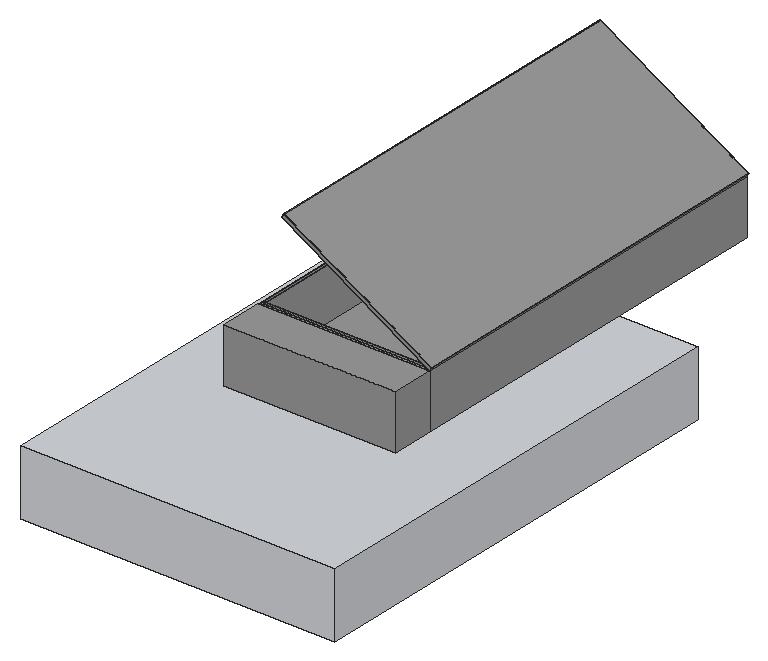
Revit family "Hager-Univers-IP55-D275-H2050-Cl.II-Steel_encl-CH-de", category Equipement électrique, Revit 2020
Family settings
  Hôte = Face
  Configuration du panneau = Deux colonnes, circuits au sein
  Cote de connecteur circulaire = Utiliser le diamètre
  Type d'élément = Tableau de raccordement
  Couper avec des vides une fois chargée = Non
  Partagée = Non
  Point de calcul de pièce = Non
Parameters (values of type "Bodenaufstellung IP55 B800 H2050 T275  - FR23S2")
  Width Control [instance] = if([EF000008 - Breite] > Min Width, [EF000008 - Breite], Min Width)  # 800 mm
  Commentaires du type = [HG000003 - Bereich]  # "Univers"
  Thickness Door [instance] = if([EF009171 - Materialstärke Tür/Deckel] > 3 mm, 3 mm, [EF009171 - Materialstärke Tür/Deckel])  # 1.5 mm
  Seal Frame Offset [instance] = 17 mm  # constant formula
  Plinth Visibility [instance] = [HG000027 - Sockelhöhe] > 0 mm  # yes
  Model = ""
  Min Width [instance] = 100 mm  # constant formula
  Min Height [instance] = 100 mm  # constant formula
  Min Depth [instance] = (2 * [EF009170 - Materialstärke Gehäuse]) + 1 mm  # 4 mm
  Internal Frame Depth [instance] = (Door System Depth * 0.5)  # 9 mm
  Height Control [instance] = if([EF000040 - Höhe] > Min Height, [EF000040 - Höhe], Min Height)  # 2050 mm
  HG000027 - Sockelhöhe = 200 mm
  HG000026 - Stehend auf dem Boden = yes
  HG000024 - Höhe des unteren Teils = 800 mm
  HG000023 - Gehäuse mit doppeltem Querschnitt = no
  HG000016 - 3D-Türsichtbarkeit [instance] = yes
  HG000015 - Sichtbarkeit der Türöffnung [instance] = no
  HG000014 - Tür rechts [instance] = yes
  HG000013 - Tür links [instance] = not([HG000014 - Tür rechts])  # no
  HG000012 - Türschwenkwinkel [instance] = 30.00°
  HG000010 - Asymmetrische Türen = no
  HG000009 - Doppelflügeligen Tür = no
  HG000006 - Unterputz = no
  HG000004 - Herstellerreferenz = "FR23S2"
  HG000003 - Bereich = "Univers"
  HG000002 - Mit tür = yes
  Frame Offset Bottom [instance] = 10 mm  # constant formula
  Frame Offset [instance] = 15 mm  # constant formula
  EF015940 - Deckel mit Überdruckentlastung = no
  EF011959 - Schutzart (NEMA) = ""
  EF009554 - Anzahl der Öffnungen für Flanschplatten = 6
  Fabricant = "Hager"  # constant formula
  EF009212 - Ausführung Deckel = "EV000116 - geschlossen"
  EF009171 - Materialstärke Tür/Deckel = 1.5 mm
  EF009170 - Materialstärke Gehäuse = 1.5 mm
  EF008873 - Nennstrom (In) = 800 A
  EF007800 - Geeignet für Blitzschutz = no
  EF006306 - Mit Schloss = no
  EF006244 - Transparenter Deckel/Tür = no
  EF005474 - Schutzart (IP) = "EV006420 - IP55"
  EF004464 - Art der Tür = "EV002646 - Einzel"
  EF004427 - Anzahl der Module = 432
  EF004293 - Schlagfestigkeit = "EV008784 - IK10"
  EF003532 - Geeignet für Außengebrauch = no
  EF002950 - Breite in Teilungseinheiten = 24
  EF001613 - Funktionserhalt = "EV000494 - ohne"
  EF001596 - Werkstoff des Gehäuses = "EV000179 - Stahl"
  EF001131 - Innentiefe = 275 mm
  EF001088 - Anbaumöglichkeit = yes
  EF000437 - Anzahl der Leitungseinführungen = 6
  EF000339 - Art der Abdeckung = "EV004216 - Tür"
  EF000266 - Anzahl der Reihen = 12
  EF000218 - Einbautiefe = 0 mm
  EF000118 - Mit Montageplatte = no
  EF000116 - RAL-Nummer = "7035"
  EF000049 - Tiefe = 275 mm
  EF000040 - Höhe = 2050 mm
  EF000008 - Breite = 800 mm
  EF000007 - Farbe = "EV000270 - grau"
  EF000003 - Montageart = "EV012274 - Bodenaufstellung"
  Door System Leaf Tolerance [instance] = 1.5 mm  # constant formula
  Door System Depth [instance] = 18 mm  # constant formula
  Door Height [instance] = Height Control - [HG000027 - Sockelhöhe]  # 1850 mm
  Depth Control [instance] = if([EF000049 - Tiefe] > Min Depth, [EF000049 - Tiefe], Min Depth)  # 275 mm
  Default Elevation = 0 mm
  Connector Offset [instance] = Height Control / 2  # 1025 mm
  Bottom Top Plate Trim [instance] = 1.5 mm  # constant formula
  Plinth height Ctrl [instance] = if([HG000027 - Sockelhöhe] > 0 mm, [HG000027 - Sockelhöhe], 12 mm)  # 200 mm
Types (11, lengths in mm): name | Width Control | HG000010 - Asymmetrische Türen | HG000009 - Doppelflügeligen Tür | HG000004 - Herstellerreferenz | EF009554 - Anzahl der Öffnungen für Flanschplatten | EF006244 - Transparenter Deckel/Tür | EF004464 - Art der Tür | EF004427 - Anzahl der Module | EF000437 - Anzahl der Leitungseinführungen | EF000008 - Breite
  Bodenaufstellung IP55 B1050 H2050 T275  - FR24L2 | 1050 | yes | yes | "FR24L2" | 8 | yes | "EV003602 - Doppel" | 576 | 8 | 1050
  Bodenaufstellung IP55 B1050 H2050 T275  - FR24S2 | 1050 | yes | yes | "FR24S2" | 8 | no | "EV003602 - Doppel" | 576 | 8 | 1050
  Bodenaufstellung IP55 B1300 H2050 T275  - FR25L2 | 1300 | yes | yes | "FR25L2" | 10 | yes | "EV003602 - Doppel" | 720 | 10 | 1300
  Bodenaufstellung IP55 B1300 H2050 T275  - FR25S2 | 1300 | yes | yes | "FR25S2" | 10 | no | "EV003602 - Doppel" | 720 | 10 | 1300
  Bodenaufstellung IP55 B1550 H2050 T275  - FR26L2 | 1550 | yes | yes | "FR26L2" | 12 | yes | "EV003602 - Doppel" | 864 | 12 | 1550
  Bodenaufstellung IP55 B1550 H2050 T275  - FR26S2 | 1550 | yes | yes | "FR26S2" | 12 | no | "EV003602 - Doppel" | 864 | 12 | 1550
  Bodenaufstellung IP55 B300 H2050 T275  - FR21S2 | 300 | no | no | "FR21S2" | 2 | no | "EV002646 - Einzel" | 144 | 2 | 300
  Bodenaufstellung IP55 B550 H2050 T275  - FR22L2 | 550 | no | no | "FR22L2" | 4 | yes | "EV002646 - Einzel" | 288 | 4 | 550
  Bodenaufstellung IP55 B550 H2050 T275  - FR22S2 | 550 | no | no | "FR22S2" | 4 | no | "EV002646 - Einzel" | 288 | 4 | 550
  Bodenaufstellung IP55 B800 H2050 T275  - FR23L2 | 800 | no | no | "FR23L2" | 6 | yes | "EV002646 - Einzel" | 432 | 6 | 800
  Bodenaufstellung IP55 B800 H2050 T275  - FR23S2 | 800 | no | no | "FR23S2" | 6 | no | "EV002646 - Einzel" | 432 | 6 | 800
Reference planes
  plane 1 "Center (Front/Back)": y = 0
  plane 2: z = 0
  plane 3 "Center (Left/Right)": x = 0
  plane 4: z = 275
  plane 5: y = 201.5
  plane 6: y = 1125
  plane 7: y = 200
  plane 8: y = 2050
  plane 9: z = 0
  plane 10: x = -385
  plane 11: x = 385
  plane 12: x = 383.5
  plane 13: x = -383.5
  plane 14: y = 2048.5
  plane 15: x = -383
  plane 16: x = -400
  plane 17: x = 383
  plane 18: x = 400
  plane 19: x = 398.5
  plane 20: x = -398.5
  plane 21: y = 211.5
  plane 22: y = 2050
  plane 23: y = 2033.5
  plane 24: z = 257
  plane 25: z = 1.5
  plane 26: z = 255.5
  plane 27: z = 273.5
Forms (mm)
  Extrusion 1, solid
    sketch origin (0, 0, 0) x (1, 0, 0) y (0, 1, 0)
      loop
        line (-702.964, 1305) -> (-702.964, -811.445) -> (766.763, -811.445) -> (766.763, 1305) -> (-702.964, 1305)
    from 0 to -304.8
  Extrusion 2, solid, material "Hager_Steel_RAL7035_Light_Grey", visible <- "Plinth Visibility", detail levels medium+fine
    sketch origin (0, 0, 0) x (1, 0, 0) y (0, 1, 0)
      loop
        line (-400, 0) -> (400, 0) -> (400, 200) -> (-400, 200) -> (-400, 0)
    from 0 to 257
  Extrusion 3, solid, material "Hager_Steel_RAL7035_Light_Grey", detail levels medium+fine
    sketch origin (0, 0, 0) x (1, 0, 0) y (0, 1, 0)
      loop
        line (-400, 200) -> (400, 200) -> (400, 2050) -> (-400, 2050) -> (-400, 200)
    from 0 to 257
  Extrusion 4, void
    sketch origin (0, 0, 0) x (1, 0, 0) y (0, 1, 0)
      loop
        line (-398.5, 201.5) -> (398.5, 201.5) -> (398.5, 2048.5) -> (-398.5, 2048.5) -> (-398.5, 201.5)
    from 1.5 to 255.5
  Extrusion 5, void
    sketch origin (-381.607, -4572, 257) x (0, -1, 0) y (-1, 0, 0)
      loop
        line (-4783.5, 1.893) -> (-6605.5, 1.893) -> (-6605.5, -765.107) -> (-4783.5, -765.107) -> (-4783.5, 1.893)
    from 0 to 1.5 <- "EF009170 - Materialstärke Gehäuse"
  Extrusion 6, solid, material "Hager_Steel_RAL7035_Light_Grey", detail levels fine
    sketch origin (0, 0, 257) x (1, 0, 0) y (0, 1, 0)
      loop
        line (-383.5, 2033.5) -> (-383.5, 211.5) -> (383.5, 211.5) -> (383.5, 2033.5) -> (-383.5, 2033.5)
      loop
        line (-385, 210) -> (385, 210) -> (385, 2035) -> (-385, 2035) -> (-385, 210)
    from 0 to 9 <- "Internal Frame Depth"
  Extrusion 7, solid, material "Hager_Steel_RAL7035_Light_Grey", detail levels coarse
    sketch origin (0, 0, 0) x (1, 0, 0) y (0, 1, 0)
      loop
        line (-400, 0) -> (400, 0) -> (400, 2050) -> (-400, 2050) -> (-400, 0)
    from 0 to 275
  Sweep 8, void
    path in 3D
      loop
        line (-400, 200, 0) -> (400, 200, 0) -> (400, 200, 257) -> (-400, 200, 257) -> (-400, 200, 0)
    profile origin (-400, 200, 128.5) x (-1, 0, 0) y (0, -1, 0)
      loop
        line (0, 0) -> (0, 1.5) -> (-1.5, 1.5)
        arc (-1.5, 1.5) -> (-1.061, 0.439) -> (0, 0) r 1.5
Cuts and joins
  Extrusion 4, Extrusion 5 cuts Extrusion 3
  Sweep 8 cuts Extrusion 2
Lines and regions (mm)
  Masking region 1
    outline origin (0, 0, 0) x (1, 0, 0) y (0, 0, 1)
      loop
        line (-400, 275) -> (-400, 0) -> (400, 0) -> (400, 275) -> (-400, 275)
  Masking region 2, detail levels medium+fine
    outline origin (0, 140, 0) x (0, 1, 0) y (0, 0, 1)
      loop
        line (60, 0) -> (1910, 0) -> (1910, 257) -> (60, 257) -> (60, 0)
  Masking region 3, not visible, detail levels medium+fine
    outline origin (0, 297.922, 0) x (0, 1, 0) y (0, 0, 1)
      loop
        line (838.578, 0) -> (878.578, 0) -> (878.578, 263.5)
        arc (878.578, 263.5) -> (875.649, 270.571) -> (868.578, 273.5) r 10
        line (868.578, 273.5) -> (838.578, 273.5) -> (838.578, 0)
  Masking region 4, detail levels coarse
    outline origin (0, 0, 180) x (0, 1, 0) y (0, 0, 1)
      loop
        line (0, -180) -> (2050, -180) -> (2050, 95) -> (0, 95) -> (0, -180)
  Masking region 5, visible <- "Plinth Visibility", detail levels medium+fine
    outline origin (0, 52.24, 12.345) x (0, 0, -1) y (0, 1, 0)
      loop
        line (10.845, 147.76) -> (-243.155, 147.76)
        arc (-243.155, 147.76) -> (-243.594, 146.699) -> (-244.655, 146.26) r 1.5
        line (-244.655, 146.26) -> (-244.655, -52.24) -> (12.345, -52.24) -> (12.345, 146.26)
        arc (12.345, 146.26) -> (11.285, 146.699) -> (10.845, 147.76) r 1.5
  Masking region 6, detail levels medium+fine
    outline origin (-381.607, -4572, 257) x (-1, 0, 0) y (0, -1, 0)
      loop
        line (18.393, -6622) -> (18.393, -4772) -> (-781.607, -4772) -> (-781.607, -6622) -> (18.393, -6622)
  Masking region 7, visible <- "Plinth Visibility", detail levels medium+fine
    outline origin (-381.607, -4727, 257) x (-1, 0, 0) y (0, -1, 0)
      loop
        arc (16.893, -4927) -> (17.332, -4925.939) -> (18.393, -4925.5) r 1.5
        line (18.393, -4925.5) -> (18.393, -4727) -> (-781.607, -4727) -> (-781.607, -4925.5)
        arc (-781.607, -4925.5) -> (-780.546, -4925.939) -> (-780.107, -4927) r 1.5
        line (-780.107, -4927) -> (16.893, -4927)
  Masking region 8, detail levels coarse
    outline origin (-442.548, -4669.526, 257) x (-1, 0, 0) y (0, -1, 0)
      loop
        line (-42.548, -6719.526) -> (-42.548, -4669.526) -> (-842.548, -4669.526) -> (-842.548, -6719.526) -> (-42.548, -6719.526)
  sketch lines
    curve 1: line (-400, 200, 257) -> (-400, 200, 0)
    curve 2: line (400, 200, 257) -> (-400, 200, 257)
    curve 3: line (400, 200, 257) -> (400, 200, 0)
    curve 4: line (-400, 200, 0) -> (400, 200, 0)
Dimensions and locks
  "Depth Control": plane 4 to Extrusion 1
  "HG000027 - Sockelhöhe": plane 1 "Center (Front/Back)" to plane 7
  "EF009170 - Materialstärke Gehäuse": plane 5 to plane 7
  locked: connector elem to plane 3 "Center (Left/Right)"
  equal spacing: plane 8, plane 6, plane 7
  locked: connector elem to plane 6
  "EF009170 - Materialstärke Gehäuse": plane 8 to plane 14
  "EF009170 - Materialstärke Gehäuse": plane 10 to plane 13
  "EF009170 - Materialstärke Gehäuse": plane 12 to plane 11
  "Frame Offset": plane 20 to plane 13
  "Frame Offset": plane 12 to plane 19
  "EF009170 - Materialstärke Gehäuse": plane 16 to plane 20
  "EF009170 - Materialstärke Gehäuse": plane 19 to plane 18
  "Seal Frame Offset": plane 16 to plane 15
  "Seal Frame Offset": plane 17 to plane 18
  "Frame Offset Bottom": plane 21 to plane 5
  "Frame Offset": plane 14 to plane 23
  equal spacing: plane 16, plane 3 "Center (Left/Right)", plane 18
  "Width Control": plane 16 to plane 18
  "EF009170 - Materialstärke Gehäuse": plane 4 to plane 27
  "EF009170 - Materialstärke Gehäuse": plane 24 to plane 26
  "EF009170 - Materialstärke Gehäuse": plane 25 to level
  "Door System Depth": plane 4 to plane 24
  "Height Control": plane 1 "Center (Front/Back)" to Extrusion 7 sketch curve
  "Height Control": Masking region 4 sketch curve to plane 1 "Center (Front/Back)"
  "Height Control": plane 1 "Center (Front/Back)" to plane 22
  "Bottom Top Plate Trim": profile plane to Sweep 8 sketch curve
  "Bottom Top Plate Trim": Sweep 8 sketch curve to profile plane
  "Plinth height Ctrl": plane 1 "Center (Front/Back)" to Extrusion 2 sketch curve
  "Plinth height Ctrl": Masking region 5 sketch curve to plane 1 "Center (Front/Back)"
  "Plinth height Ctrl": plane 1 "Center (Front/Back)" to Masking region 7 sketch curve
  "Thickness Door": Extrusion 6 sketch curve to Extrusion 6 sketch curve  (x3)
  "Thickness Door": cut or joined group of Extrusion 3, Extrusion 4, Extrusion 5 to Extrusion 6 sketch curve
  radius of Masking region 3 sketch curve = 10 mm
  "Bottom Top Plate Trim": radius of Masking region 5 sketch curve  (x2)
  "Bottom Top Plate Trim": radius of Sweep 8 sketch curve
  "Bottom Top Plate Trim": radius of Masking region 7 sketch curve  (x2)
  aligned and locked: plane 2 to Extrusion 1
  aligned and locked: level to Extrusion 1
  aligned and locked: level to Masking region 1 sketch curve
  aligned and locked: Masking region 1 sketch curve to plane 18
  aligned and locked: Masking region 1 sketch curve to plane 16
  aligned and locked: plane 7 to Masking region 2 sketch curve
  aligned and locked: level to Masking region 3 sketch curve
  aligned and locked: Masking region 3 sketch curve to plane 27
  aligned and locked: level to Masking region 2 sketch curve
  aligned and locked: plane 1 "Center (Front/Back)" to Extrusion 2 sketch curve
  aligned and locked: Extrusion 3 sketch curve to plane 7
  aligned and locked: plane 16 to Extrusion 3 sketch curve
  aligned and locked: plane 18 to Extrusion 3 sketch curve
  aligned and locked: plane 20 to Extrusion 4 sketch curve
  aligned and locked: plane 19 to Extrusion 4 sketch curve
  aligned and locked: Extrusion 4 sketch curve to plane 5
  aligned and locked: Extrusion 4 to plane 25
  aligned and locked: plane 26 to Extrusion 4
  aligned and locked: plane 24 to Extrusion 3
  aligned and locked: Extrusion 5 sketch curve to plane 21
  aligned and locked: Extrusion 5 sketch curve to plane 13
  aligned and locked: Extrusion 5 sketch curve to plane 12
  aligned and locked: plane 18 to Extrusion 7 sketch curve
  aligned and locked: plane 1 "Center (Front/Back)" to Extrusion 7 sketch curve
  aligned and locked: plane 16 to Extrusion 7 sketch curve
  aligned and locked: plane 4 to Extrusion 7
  aligned and locked: Extrusion 7 to level
  aligned and locked: level to Masking region 4 sketch curve
  aligned and locked: Masking region 4 sketch curve to plane 1 "Center (Front/Back)"
  aligned and locked: Masking region 4 sketch curve to plane 4
  aligned and locked: nested 1 to level
  aligned and locked: nested 1 to plane 16
  aligned and locked: plane 8 to Extrusion 3 sketch curve
  aligned and locked: plane 23 to Extrusion 5 sketch curve
  aligned and locked: plane 14 to Extrusion 4 sketch curve
  aligned and locked: Masking region 2 sketch curve to plane 8
  aligned and locked: level to Masking region 5 sketch curve
  aligned and locked: plane 16 to Extrusion 2 sketch curve
  aligned and locked: plane 18 to Extrusion 2 sketch curve
  aligned and locked: Masking region 5 sketch curve to plane 24
  aligned and locked: Masking region 2 sketch curve to plane 24
  aligned and locked: plane 24 to Extrusion 2
  aligned and locked: profile plane to Sweep 8 sketch curve  (x2)
  aligned and locked: Masking region 6 sketch curve to plane 18
  aligned and locked: Masking region 6 sketch curve to plane 22
  aligned and locked: Masking region 6 sketch curve to plane 16
  aligned and locked: plane 8 to plane 22
  aligned and locked: Masking region 6 sketch curve to plane 7
  aligned and locked: Masking region 7 sketch curve to plane 16
  aligned and locked: Masking region 7 sketch curve to plane 1 "Center (Front/Back)"
  aligned and locked: Masking region 7 sketch curve to plane 18
  aligned and locked: Masking region 8 sketch curve to plane 1 "Center (Front/Back)"
  aligned and locked: Masking region 8 sketch curve to plane 18
  aligned and locked: Masking region 8 sketch curve to plane 22
  aligned and locked: Masking region 8 sketch curve to plane 16
  aligned and locked: nested 2 to plane 7
  aligned and locked: plane 3 "Center (Left/Right)" to nested 2
  aligned and locked: nested 2 to plane 24
  aligned and locked: Extrusion 6 sketch curve to cut or joined group of Extrusion 3, Extrusion 4, Extrusion 5  (x4)
Automatic sketch dimensions
  Extrusion 1 sketch curve to Extrusion 1 sketch curve = 1469.727 mm
  Extrusion 1 sketch curve to Extrusion 1 sketch curve = 2116.445 mm
  Masking region 1 sketch curve to plane 4 = 0 mm
  plane 6 to Masking region 3 sketch curve = 11.5 mm
  Masking region 3 sketch curve to Masking region 3 sketch curve = 30 mm
  Masking region 5 sketch curve to plane 1 "Center (Front/Back)" = 0 mm
Nested families
  nested 1: "Hager_Enclosure_Symbol" at (-400, 0, 0) x (1, 0, 0) z (0, -1, 0), Height <- "Depth Control", Width <- "Width Control", type "Hager_Enclosure_Symbol"
    with Width_Ctrl 800 mm, Width 800 mm, Height_Ctrl 275 mm, Height 275 mm, A_Width_Int 18.047 mm, A_Width 216.562 mm, A_Height_Ctrl 240.625 mm, A_Height 240.625 mm
  nested 2: "EC000058_Univers_Door" at (0, 200, 257) x (1, 0, 0) z (0, 1, 0), Leaf_Tolerance <- "Door System Leaf Tolerance", Angle <- "HG000012 - Türschwenkwinkel", Door_Depth <- "Door System Depth", Door_Left <- "HG000013 - Tür links", Transparent <- "EF006244 - Transparenter Deckel/Tür", Assymetrical <- "HG000010 - Asymmetrische Türen", Width <- "Width Control", Clearance <- "HG000015 - Sichtbarkeit der Türöffnung", Double <- "HG000009 - Doppelflügeligen Tür", 3d_Door <- "HG000016 - 3D-Türsichtbarkeit", Lock_Visibility <- "EF006306 - Mit Schloss", Width_Ctrl <- "Width Control", Door_Right <- "HG000014 - Tür rechts", Door <- "HG000002 - Mit tür", Height <- "Door Height", Thickness <- "Thickness Door", type "EC000058_Univers_Door", detail levels medium+fine
    with min_wh 4 mm, Width_Ctrl 800 mm, Width 800 mm, Transparent no, Thickness 1.5 mm, Seal_Material Hager_Rubber, Lock_Visibility no, Lock_Material Hager_Plastic_RAL9005_Jet_Black, Leaf_Width 800 mm, Leaf_Tolerance_External_Sides 0 mm, Leaf_Tolerance 1.5 mm, Leaf_Offset 0 mm, Leaf_Height 1847 mm, Leaf_2_Width 800 mm, Leaf_2_Offset 400 mm, Leaf_1_Width 800 mm, Leaf_1_Offset 400 mm, Height_Ctrl 1850 mm, Height 1850 mm, Glass_Material Hager_Glass, Double_Clearance_Ctrl no, Double no, Door_Right_Ctrl yes, Door_Right yes, Door_Material Hager_Steel_RAL7035_Light_Grey, Door_Left_Ctrl no, Door_Left no, Door_Depth 18 mm, Door yes, Clearance_Material Hager_Clearance, Clearance_Depth 800 mm, Clearance_Ctrl no, Clearance no, Assymetrical no, Angle 30.00°, 3d_Door yes
Connectors
  electrical at (0, 1125, 0)
    settings: on plane 9, index 1, voltage 0 V, apparent load 0 VA, apparent load phase1 0 VA, apparent load phase2 0 VA, apparent load phase3 0 VA, power factor 1, load classification "Other", number of poles 1, system type 30, power factor state 1, is connector primary yes, connector utility no, sub classification motor no, connector description ""
Definition of nested family "EC000058_Univers_Door"
  Parameters (values of type "EC000058_Univers_Door")
    min_wh [instance] = (2 * Thickness) + 1 mm  # 11 mm
    Width_Ctrl [instance] = 400 mm
    Width [instance] = 500 mm
    Transparent [instance] = yes
    Thickness [instance] = 5 mm
    Seal_Material [instance] = none
    Lock_Visibility [instance] = yes
    Lock_Material [instance] = none
    Leaf_Width [instance] = if((Width_Ctrl - 2 * Leaf_Tolerance_External_Sides) > 0 mm, (Width_Ctrl - 2 * Leaf_Tolerance_External_Sides), min_wh)  # 400 mm
    Leaf_Tolerance_External_Sides [instance] = 0 mm  # constant formula
    Leaf_Tolerance [instance] = 1.5 mm
    Leaf_Offset [instance] = 0 mm  # constant formula
    Leaf_Height [instance] = if((Height_Ctrl - 2 * Leaf_Tolerance) > 0 mm, (Height_Ctrl - 2 * Leaf_Tolerance), min_wh)  # 497 mm
    Leaf_2_Width [instance] = if(and(and(Double, Assymetrical), Door_Left), (Leaf_Width / 3) - (Leaf_Tolerance / 2), if(and(and(Double, Assymetrical), Door_Right), (Leaf_Width / 3) * 2 - (Leaf_Tolerance / 2), if(and(Double, not(Assymetrical)), (Leaf_Width / 2) - Leaf_Tolerance, Leaf_Width)))  # 400 mm
    Leaf_2_Offset [instance] = if(and(Double, Assymetrical), Leaf_2_Width / 2, if(and(Double, not(Assymetrical)), Leaf_Width / 4, Leaf_Width / 2))  # 200 mm
    Leaf_1_Width [instance] = if(and(and(Double, Assymetrical), Door_Right), (Leaf_Width / 3) - (Leaf_Tolerance / 2), if(and(and(Double, Assymetrical), Door_Left), (Width / 3) * 2 - (Leaf_Tolerance / 2), if(and(Double, not(Assymetrical)), (Leaf_Width / 2) - Leaf_Tolerance, Leaf_Width)))  # 400 mm
    Leaf_1_Offset [instance] = if(and(Double, Assymetrical), Leaf_1_Width / 2, if(and(Double, not(Assymetrical)), Leaf_Width / 4, Leaf_Width / 2))  # 200 mm
    Height_Ctrl [instance] = if(Height > min_wh, Height, min_wh)  # 500 mm
    Height [instance] = 500 mm
    Glass_Material [instance] = none
    Double_Clearance_Ctrl [instance] = and(Double, Clearance)  # no
    Double [instance] = no
    Door_Right_Ctrl [instance] = and(or(Door_Right, Double), Door)  # yes
    Door_Right [instance] = yes
    Door_Material [instance] = none
    Door_Left_Ctrl [instance] = and(or(Door_Left, Double), Door)  # no
    Door_Left [instance] = no
    Door_Depth [instance] = 30 mm
    Door [instance] = yes
    Default Elevation = 1219.2 mm
    Clearance_Material [instance] = none
    Clearance_Depth [instance] = if(Leaf_1_Width > Leaf_2_Width, Leaf_1_Width, Leaf_2_Width)  # 400 mm
    Clearance_Ctrl [instance] = and(not(Double), Clearance)  # yes
    Clearance [instance] = yes
    Assymetrical [instance] = yes
    Angle [instance] = 30.00°
    3d_Door [instance] = yes
  Reference planes
    plane 1 "Center (Front/Back)": y = 0
    plane 2 "Bottom": z = 0
    plane 3 "Center (Left/Right)": x = 0
    plane 4: z = 500
    plane 5: x = -200
    plane 6: x = 200
    plane 7: z = 500
    plane 8: x = -200
    plane 9: z = 0
    plane 10: x = 200
    plane 11: y = 0
    plane 12: z = 1.5
    plane 13: x = -600
    plane 14: y = -400
    plane 15: x = 600
    plane 16: x = 0
    plane 17: x = 0
    plane 18: x = -200
    plane 19: x = 200
    plane 20: z = 498.5
  Forms (mm)
    Extrusion 1, solid, material <- "Clearance_Material", visible <- "Double_Clearance_Ctrl"
      sketch origin (1200, 0, 0) x (1, 0, 0) y (0, 0, -1)
        loop
          line (-1800, -498.5) -> (-600, -498.5) -> (-600, 0) -> (-1800, 0) -> (-1800, -498.5)
      from 0 to -400
  Dimensions and locks
    equal spacing: plane 5, plane 3 "Center (Left/Right)", plane 6
    "Width_Ctrl": plane 5 to plane 6
    "Leaf_Offset": plane 5 to plane 8
    "Leaf_Offset": plane 6 to plane 10
    "Leaf_Offset": plane 9 to level
    "Leaf_Offset": plane 4 to plane 7
    "Height_Ctrl": plane 4 to level
    "Leaf_Tolerance": plane 12 to plane 9
    locked: plane 11 to plane 1 "Center (Front/Back)"
    "Leaf_1_Offset": plane 18 to plane 16
    "Leaf_2_Offset": plane 17 to plane 19
    "Leaf_1_Width": plane 13 to plane 8
    "Leaf_2_Width": plane 10 to plane 15
    "Clearance_Depth": plane 14 to plane 1 "Center (Front/Back)"
    "Leaf_Tolerance_External_Sides": plane 8 to plane 18
    "Leaf_Tolerance_External_Sides": plane 19 to plane 10
    "Leaf_Tolerance": plane 7 to plane 20
    aligned and locked: level to plane 2 "Bottom"
    aligned and locked: nested 1 to plane 16
    aligned and locked: nested 2 to plane 17
    aligned and locked: Extrusion 1 to plane 13
    aligned and locked: plane 15 to Extrusion 1
    aligned and locked: Extrusion 1 to plane 14
    aligned and locked: plane 12 to nested 1
    aligned and locked: nested 2 to plane 12
    aligned and locked: Extrusion 1 to plane 11
    aligned and locked: plane 20 to Extrusion 1
    aligned and locked: nested 2 to plane 11
    aligned and locked: nested 1 to plane 11
  Automatic sketch dimensions
    Extrusion 1 sketch curve to level = 0 mm
    plane 5 to Extrusion 1 sketch curve = 400 mm
    plane 6 to Extrusion 1 sketch curve = 400 mm
    Extrusion 1 sketch curve to plane 4 = 1.5 mm
  Nested families
    nested 1: "EC000058_Univers_Door_Leaf" at (0, 0, 1.5), Width <- "Leaf_1_Width", visible <- "Door_Left_Ctrl", Leaf_Height <- "Leaf_Height", Angle <- "Angle", 3d_Door <- "3d_Door", Transparent <- "Transparent", Clearance Material <- "Clearance_Material", Clearance <- "Clearance_Ctrl", Door_Material <- "Door_Material", Glass_Material <- "Glass_Material", Door_Depth <- "Door_Depth", Lock_Material <- "Lock_Material", Seal_Material <- "Seal_Material", Lock_Visibility <- "Lock_Visibility", Thickness <- "Thickness", type "EC000058_Univers_Door_Leaf"
      with Width 400 mm, Transparent_Glass_Offset 30 mm, Transparent_Ctrl yes, Transparent yes, Thickness 5 mm, Standard no, Seal_Material none, Seal_D2 8 mm, Seal_D1 1 mm, Offset_Internal_Frame 10 mm, Lock_Width 20 mm, Lock_Visibility_3d yes, Lock_Visibility yes, Lock_Thickness_3 3 mm, Lock_Thickness_2 1 mm, Lock_Thickness_1 3 mm, Lock_Radius_Offset_2 16 mm, Lock_Radius_Offset_1 15 mm, Lock_Radius_2 5 mm, Lock_Radius 6 mm, Lock_Offset 5 mm, Lock_Material none, Lock_Height 80 mm, Lock_Cover_Top_Offset_2d 17 mm, Lock_Cover_Height -65 mm, Leaf_Height 497 mm, Internal_Seal_Thickness 8 mm, Internal_Seal_Depth_2 4.5 mm, Internal_Frame_Depth 25 mm, Glass_Thickness -1 mm, Glass_Offset -2 mm, Glass_Material none, Door_Material none, Door_Depth 30 mm, Clearance Material none, Clearance yes, Angle_Ctrl 30.00°, Angle 30.00°, 3d_Door yes
    nested 2: "EC000058_Univers_Door_Leaf" at (0, 0, 1.5) x (-1, 0, 0) z (0, 0, 1), Width <- "Leaf_2_Width", visible <- "Door_Right_Ctrl", Leaf_Height <- "Leaf_Height", Angle <- "Angle", 3d_Door <- "3d_Door", Transparent <- "Transparent", Clearance Material <- "Clearance_Material", Clearance <- "Clearance_Ctrl", Door_Material <- "Door_Material", Glass_Material <- "Glass_Material", Door_Depth <- "Door_Depth", Lock_Material <- "Lock_Material", Seal_Material <- "Seal_Material", Lock_Visibility <- "Lock_Visibility", Thickness <- "Thickness", type "EC000058_Univers_Door_Leaf"
      with Width 400 mm, Transparent_Glass_Offset 30 mm, Transparent_Ctrl yes, Transparent yes, Thickness 5 mm, Standard no, Seal_Material none, Seal_D2 8 mm, Seal_D1 1 mm, Offset_Internal_Frame 10 mm, Lock_Width 20 mm, Lock_Visibility_3d yes, Lock_Visibility yes, Lock_Thickness_3 3 mm, Lock_Thickness_2 1 mm, Lock_Thickness_1 3 mm, Lock_Radius_Offset_2 16 mm, Lock_Radius_Offset_1 15 mm, Lock_Radius_2 5 mm, Lock_Radius 6 mm, Lock_Offset 5 mm, Lock_Material none, Lock_Height 80 mm, Lock_Cover_Top_Offset_2d 17 mm, Lock_Cover_Height -65 mm, Leaf_Height 497 mm, Internal_Seal_Thickness 8 mm, Internal_Seal_Depth_2 4.5 mm, Internal_Frame_Depth 25 mm, Glass_Thickness -1 mm, Glass_Offset -2 mm, Glass_Material none, Door_Material none, Door_Depth 30 mm, Clearance Material none, Clearance yes, Angle_Ctrl 30.00°, Angle 30.00°, 3d_Door yes
  Definition of nested family "EC000058_Univers_Door_Leaf"
    Parameters (values of type "EC000058_Univers_Door_Leaf")
      Width [instance] = 2000 mm
      Transparent_Glass_Offset [instance] = 30 mm
      Transparent_Ctrl [instance] = and(Transparent, [3d_Door])  # yes
      Transparent [instance] = yes
      Thickness [instance] = 5 mm
      Standard [instance] = and(not(Transparent), [3d_Door])  # no
      Seal_Material [instance] = none
      Seal_D2 [instance] = 8 mm  # constant formula
      Seal_D1 [instance] = 1 mm  # constant formula
      Offset_Internal_Frame [instance] = 10 mm  # constant formula
      Lock_Width [instance] = 20 mm  # constant formula
      Lock_Visibility_3d [instance] = and(Lock_Visibility, [3d_Door])  # yes
      Lock_Visibility [instance] = yes
      Lock_Thickness_3 [instance] = 3 mm  # constant formula
      Lock_Thickness_2 [instance] = 1 mm  # constant formula
      Lock_Thickness_1 [instance] = 3 mm  # constant formula
      Lock_Radius_Offset_2 [instance] = Lock_Radius_Offset_1 + 1 mm  # 16 mm
      Lock_Radius_Offset_1 [instance] = 15 mm  # constant formula
      Lock_Radius_2 [instance] = Lock_Radius - 1 mm  # 5 mm
      Lock_Radius [instance] = 6 mm  # constant formula
      Lock_Offset [instance] = 5 mm  # constant formula
      Lock_Material [instance] = none
      Lock_Height [instance] = 80 mm  # constant formula
      Lock_Cover_Top_Offset_2d [instance] = Lock_Radius_Offset_2 + 1 mm  # 17 mm
      Lock_Cover_Height [instance] = -(Lock_Height - Lock_Radius_Offset_1)  # -65 mm
      Leaf_Height [instance] = 2720.336 mm
      Internal_Seal_Thickness [instance] = 8 mm  # constant formula
      Internal_Seal_Depth_2 [instance] = 4.5 mm  # constant formula
      Internal_Frame_Depth [instance] = if(Door_Depth - Thickness > 5 mm, Door_Depth - Thickness, 5 mm)  # 25 mm
      Glass_Thickness [instance] = if(Thickness > 15 mm, Glass_Offset + 10 mm, -1 mm)  # -1 mm
      Glass_Offset [instance] = if(Thickness > 15 mm, -(Thickness + 10 mm) / 2, -2 mm)  # -2 mm
      Glass_Material [instance] = none
      Door_Material [instance] = none
      Door_Depth [instance] = 30 mm
      Default Elevation = 0 mm
      Clearance Material [instance] = none
      Clearance [instance] = yes
      Angle_Ctrl [instance] = if(Angle > 180.00°, 180.00°, Angle)  # 90.00°
      Angle [instance] = 90.00°
      3d_Door [instance] = yes
    Reference planes
      plane 1 "Center (Front/Back)": y = 0
      plane 2: z = 0
      plane 3 "Center (Left/Right)": x = 0
      plane 4: y = 2000
      plane 5: x = -1000
      plane 6: x = 1000
      plane 7: x = -3000
      plane 8: z = 2720.336
      plane 9: z = 30
      plane 10: z = 2690.336
      plane 11: x = 970
      plane 12: x = -970
      plane 13: y = -3
      plane 14: z = 107.833
      plane 15: y = -5
      plane 16: y = -223.314
      plane 17: x = -1000
      plane 18: z = 1360.168
      plane 19: y = 30
    Forms (mm)
      Extrusion 1, solid, material <- "Clearance Material", visible <- "Clearance"
        sketch origin (0, 0, 0) x (1, 0, 0) y (0, 0, 1)
          loop
            line (-3000, 2720.336) -> (-3000, 0) -> (1000, 0) -> (1000, 2720.336) -> (-3000, 2720.336)
        from 0 to -2000
      Extrusion 2, solid, material <- "Door_Material", visible <- "Standard", detail levels medium+fine
        sketch origin (-1000, 0, 0) x (0, 1, 0) y (-1, 0, 0)
          loop
            line (0, 30) -> (0, 25) -> (2000, 25) -> (2000, 30) -> (0, 30)
        from 0 to 2720.336 <- "Leaf_Height"
      Extrusion 3, solid, material <- "Door_Material", visible <- "Transparent_Ctrl", detail levels medium+fine
        sketch origin (-1000, 0, 0) x (0, 1, 0) y (-1, 0, 0)
          loop
            line (0, 25) -> (2000, 25) -> (2000, 30) -> (0, 30) -> (0, 25)
        from 0 to 2720.336 <- "Leaf_Height"
      Extrusion 4, void
        sketch origin (-1025, 2000, 0) x (0, 1, 0) y (0, 0, -1)
          loop
            line (-30, -2690.336) -> (-30, -30) -> (-1970, -30) -> (-1970, -2690.336) -> (-30, -2690.336)
        from 0 to 5 <- "Thickness"
      Sweep 5, solid, material <- "Seal_Material", visible <- "Transparent_Ctrl", detail levels fine
        path in 3D
          loop
            line (-1025, 30, 30) -> (-1025, 30, 2690.336) -> (-1025, 1970, 2690.336) -> (-1025, 1970, 30) -> (-1025, 30, 30)
        profile origin (-1025, 1000, 30) x (1, 0, 0) y (0, 0, 1)
          loop
            line (0, 0) -> (0, -8) -> (1, -8) -> (1, 0) -> (0, 0)
      Extrusion 6, solid, material <- "Glass_Material", visible <- "Transparent_Ctrl", detail levels medium+fine
        sketch origin (-1030, 0, 0) x (0, 1, 0) y (0, 0, -1)
          loop
            line (1970, -2690.336) -> (1970, -30) -> (30, -30) -> (30, -2690.336) -> (1970, -2690.336)
        from -2 <- "Glass_Offset" to -1 <- "Glass_Thickness"
      Extrusion 7, solid, material <- "Door_Material", visible <- "3d_Door", detail levels medium+fine
        sketch origin (-1025, 2000, 0) x (0, -1, 0) y (0, 0, -1)
          loop
            line (0, -2720.336) -> (2000, -2720.336) -> (2000, 0) -> (0, 0) -> (0, -2720.336)
          loop
            line (1995, -5) -> (5, -5) -> (5, -2715.336) -> (1995, -2715.336) -> (1995, -5)
        from 0 to 25 <- "Internal_Frame_Depth"
      Sweep 8, solid, material <- "Seal_Material", visible <- "Transparent_Ctrl", detail levels fine
        path in 3D
          loop
            line (-1025, 0, 0) -> (-1025, 2000, 0) -> (-1025, 2000, 2720.336) -> (-1025, 0, 2720.336) -> (-1025, 0, 0)
        profile origin (-1025, 0, 1360.168) x (1, 0, 0) y (0, 1, 0)
          loop
            line (0, 10) -> (2.975, 10)
            arc (2.975, 10) -> (4.053, 10.447) -> (4.5, 11.525) r 1.525
            line (4.5, 11.525) -> (4.5, 16.527)
            arc (4.5, 16.527) -> (4.069, 17.569) -> (3.027, 18) r 1.473
            line (3.027, 18) -> (0, 18) -> (0, 10)
      Extrusion 9, solid, material <- "Lock_Material", visible <- "Lock_Visibility_3d", detail levels fine
        sketch origin (-1030, 0, 0) x (0, 1, 0) y (0, 0, -1)
          loop
            arc (1993.5, -1400.168) -> (1994.561, -1399.729) -> (1995, -1398.668) r 1.5
            line (1995, -1398.668) -> (1995, -1320.168) -> (1975, -1320.168) -> (1975, -1398.668)
            arc (1975, -1398.668) -> (1975.439, -1399.729) -> (1976.5, -1400.168) r 1.5
            line (1976.5, -1400.168) -> (1993.5, -1400.168)
        from 3 <- "Lock_Thickness_1" to 0
      Blend 10, solid, material <- "Lock_Material", visible <- "Lock_Visibility_3d", detail levels fine
        base sketch origin (-1033, 0, 0) x (0, 1, 0) y (0, 0, -1)
          loop
            line (1975, -1320.168) -> (1975, -1398.668)
            arc (1975, -1398.668) -> (1975.439, -1399.729) -> (1976.5, -1400.168) r 1.5
            line (1976.5, -1400.168) -> (1993.5, -1400.168)
            arc (1993.5, -1400.168) -> (1994.561, -1399.729) -> (1995, -1398.668) r 1.5
            line (1995, -1398.668) -> (1995, -1320.168) -> (1975, -1320.168)
        top sketch origin (-1033, 0, 0) x (0, 1, 0) y (0, 0, -1)
          loop
            line (1976, -1320.168) -> (1976, -1398.668)
            arc (1976, -1398.668) -> (1976.146, -1399.022) -> (1976.5, -1399.168) r 0.5
            line (1976.5, -1399.168) -> (1993.5, -1399.168)
            arc (1993.5, -1399.168) -> (1993.854, -1399.022) -> (1994, -1398.668) r 0.5
            line (1994, -1398.668) -> (1994, -1320.168) -> (1976, -1320.168)
        from 0 to 1 <- "Lock_Thickness_2"
      Blend 11, solid, material <- "Lock_Material", visible <- "Lock_Visibility_3d", detail levels fine
        base sketch origin (-1034, 0, 0) x (0, 1, 0) y (0, 0, -1)
          loop
            line (1978, -1320.168) -> (1978, -1384.168)
            arc (1978, -1384.168) -> (1985, -1391.168) -> (1992, -1384.168) r 7
            line (1992, -1384.168) -> (1992, -1320.168) -> (1978, -1320.168)
        top sketch origin (-1034, 0, 0) x (0, 1, 0) y (0, 0, -1)
          loop
            line (1991, -1320.168) -> (1979, -1320.168) -> (1979, -1383.168)
            arc (1979, -1383.168) -> (1985, -1389.168) -> (1991, -1383.168) r 6
            line (1991, -1383.168) -> (1991, -1320.168)
        from 0 to 3 <- "Lock_Thickness_3"
      Extrusion 12, solid, material <- "Lock_Material", visible <- "Lock_Visibility_3d", detail levels fine
        sketch origin (-1030, 1975, 1320.168) x (1, 0, 0) y (0, -1, 0)
          loop
            line (-7, -19) -> (-7, -1) -> (0, -1) -> (0, 0) -> (-8, 0) -> (-8, -20) -> (0, -20) -> (0, -19) -> (-7, -19)
        from 0 to -65 <- "Lock_Cover_Height"
      Extrusion 13, void
        sketch origin (-1038, 1995, 1320.168) x (-1, 0, 0) y (0, 0, -1)
          loop
            line (-5, -65) -> (0, -65) -> (-5, -60) -> (-5, -65)
        from 0 to 20 <- "Lock_Width"
      Extrusion 14, void
        sketch origin (-1038, 1975, 1320.168) x (0, -1, 0) y (0, 0, -1)
          loop
            circle (-10, -15.995) r 6
          loop
            circle (-10, -15.995) r 5
        from 0 to 2
      Extrusion 15, solid, material <- "Lock_Material", visible <- "Lock_Visibility_3d", detail levels medium
        sketch origin (-1030, 0, 0) x (0, 1, 0) y (0, 0, -1)
          loop
            arc (1993.5, -1400.168) -> (1994.561, -1399.729) -> (1995, -1398.668) r 1.5
            line (1995, -1398.668) -> (1995, -1320.168) -> (1975, -1320.168) -> (1975, -1398.668)
            arc (1975, -1398.668) -> (1975.439, -1399.729) -> (1976.5, -1400.168) r 1.5
            line (1976.5, -1400.168) -> (1993.5, -1400.168)
        from 8 to 0
    Cuts and joins
      Extrusion 4 cuts Extrusion 3
      Extrusion 13, Extrusion 14 cuts Extrusion 9
      Extrusion 14 cuts Blend 11
      Extrusion 13, Extrusion 14 cuts Extrusion 12
      joined: Extrusion 9, Blend 10, Blend 11, Extrusion 12
      Extrusion 14 cuts Extrusion 15
    Lines and regions (mm)
      Masking region 1, visible <- "Lock_Visibility", detail levels fine
        outline origin (0, 0, 0) x (0, 1, 0) y (0, 0, 1)
          loop
            line (30, 1320.168) -> (33, 1320.168) -> (33, 1400.168) -> (30, 1400.168) -> (30, 1320.168)
      Masking region 2, visible <- "Lock_Visibility", detail levels fine
        outline origin (0, 3.143, 0) x (0, 1, 0) y (0, 0, 1)
          loop
            line (29.857, 1354.168) -> (30.857, 1354.168) -> (30.857, 1366.168) -> (29.857, 1366.168) -> (29.857, 1354.168)
      Masking region 3, detail levels medium+fine
        outline origin (0, 0, 0) x (0, 1, 0) y (0, 0, 1)
          loop
            line (0, 0) -> (30, 0) -> (30, 2720.336) -> (0, 2720.336) -> (0, 0)
      Masking region 4, detail levels medium+fine
        outline origin (0, 0, 0) x (1, 0, 0) y (0, 0, 1)
          loop
            line (-1000, 2720.336) -> (-1000, 0) -> (1000, 0) -> (1000, 2720.336) -> (-1000, 2720.336)
      Masking region 5, visible <- "Lock_Visibility", detail levels fine
        outline origin (-47.116, 0, 0) x (1, 0, 0) y (0, 0, 1)
          loop
            arc (1024.616, 1399.168) -> (1023.556, 1398.729) -> (1023.116, 1397.668) r 1.5
            line (1023.116, 1397.668) -> (1023.116, 1320.168) -> (1041.116, 1320.168) -> (1041.116, 1397.668)
            arc (1041.116, 1397.668) -> (1040.677, 1398.729) -> (1039.616, 1399.168) r 1.5
            line (1039.616, 1399.168) -> (1024.616, 1399.168)
      Masking region 6, visible <- "Lock_Visibility", detail levels medium+fine
        outline origin (-25, 0, 0) x (1, 0, 0) y (0, 0, 1)
          loop
            arc (1001.5, 1400.168) -> (1000.439, 1399.729) -> (1000, 1398.668) r 1.5
            line (1000, 1398.668) -> (1000, 1320.168) -> (1020, 1320.168) -> (1020, 1398.668)
            arc (1020, 1398.668) -> (1019.561, 1399.729) -> (1018.5, 1400.168) r 1.5
            line (1018.5, 1400.168) -> (1001.5, 1400.168)
      Masking region 7, visible <- "Lock_Visibility", detail levels fine
        outline origin (-73.735, 0, 0) x (1, 0, 0) y (0, 0, 1)
          loop
            line (1051.735, 1382.168) -> (1065.735, 1382.168) -> (1065.735, 1384.168)
            arc (1065.735, 1384.168) -> (1058.735, 1391.168) -> (1051.735, 1384.168) r 7
            line (1051.735, 1384.168) -> (1051.735, 1382.168)
      Masking region 8, visible <- "Lock_Visibility", detail levels fine
        outline origin (-73.735, 0, 0) x (1, 0, 0) y (0, 0, 1)
          loop
            line (1052.735, 1382.168) -> (1064.735, 1382.168) -> (1064.735, 1383.168)
            arc (1064.735, 1383.168) -> (1058.735, 1389.168) -> (1052.735, 1383.168) r 6
            line (1052.735, 1383.168) -> (1052.735, 1382.168)
      Masking region 9, visible <- "Lock_Visibility", detail levels fine
        outline origin (-25, 0, 0) x (1, 0, 0) y (0, 0, 1)
          loop
            line (1020, 1320.168) -> (1020, 1382.168) -> (1000, 1382.168) -> (1000, 1320.168) -> (1020, 1320.168)
      Masking region 10, detail levels medium+fine
        outline origin (0, 0, 0) x (1, 0, 0) y (0, 0, 1)
          loop
            circle (985, 1335.144) r 6
      Masking region 11, detail levels fine
        outline origin (0, 0, 0) x (1, 0, 0) y (0, 0, 1)
          loop
            circle (985, 1335.144) r 5
      Masking region 12, visible <- "Lock_Visibility", detail levels fine
        outline origin (0, 12.767, 0) x (0, 1, 0) y (0, 0, 1)
          loop
            line (20.233, 1320.168) -> (21.233, 1320.168) -> (21.233, 1399.168) -> (20.233, 1400.168) -> (20.233, 1320.168)
      Masking region 13, visible <- "Lock_Visibility", detail levels fine
        outline origin (0, 13.767, -10) x (0, 1, 0) y (0, 0, 1)
          loop
            line (20.233, 1330.168) -> (23.233, 1330.168) -> (23.233, 1399.168) -> (20.233, 1402.168) -> (20.233, 1330.168)
      Masking region 14, visible <- "Lock_Visibility", detail levels fine
        outline origin (0, 12.767, -10) x (0, 1, 0) y (0, 0, 1)
          loop
            line (20.233, 1330.168) -> (25.233, 1330.168) -> (25.233, 1399.305) -> (20.233, 1394.305) -> (20.233, 1330.168)
      Masking region 15, visible <- "Lock_Visibility", detail levels medium
        outline origin (0, 0, 0) x (0, 1, 0) y (0, 0, 1)
          loop
            line (30, 1320.168) -> (38, 1320.168) -> (38, 1400.168) -> (30, 1400.168) -> (30, 1320.168)
      Masking region 16, visible <- "Lock_Visibility", detail levels fine
        outline origin (-1000, 0, 0) x (0, 1, 0) y (-1, 0, 0)
          loop
            line (1975, 30) -> (1995, 30) -> (1995, 38) -> (1975, 38) -> (1975, 30)
          loop
            line (1979, 37) -> (1976, 37) -> (1976, 34) -> (1978, 34) -> (1979, 37)
          loop
            line (1994, 37) -> (1991, 37) -> (1992, 34) -> (1994, 34) -> (1994, 37)
      Masking region 17, visible <- "Lock_Visibility", detail levels medium
        outline origin (-1000, 0, 0) x (0, 1, 0) y (-1, 0, 0)
          loop
            line (1975, 30) -> (1995, 30) -> (1995, 38) -> (1975, 38) -> (1975, 30)
      symbolic lines
        curve 1: line (1000, 0, 0) -> (-3000, 0, 0)
        curve 2: arc (1000, 0, 0) -> (-1000, 2000, 0) -> (-3000, 0, 0) r 2000
        curve 4: line (-1030, 0, 0) -> (-1030, 2000, 0)
      reference lines
        curve 3: line (-1000, 0, 0) -> (-1000, 2000, 0)
      symbolic lines, detail levels medium+fine
        curve 5: line (-1030, 2000, 0) -> (-1025, 2000, 0)
        curve 7: line (-1025, 0, 0) -> (-1030, 0, 0)
        curve 8: line (-1025, 0, 0) -> (-1000, 0, 0)
        curve 9: line (-1000, 0, 0) -> (-1000, 2000, 0)
        curve 10: line (-1000, 2000, 0) -> (-1025, 2000, 0)
      symbolic lines, detail levels fine
        curve 6: line (-1025, 2000, 0) -> (-1025, 0, 0)
      sketch lines
        curve 11: line (-1025, 0, 2720.336) -> (-1025, 0, 0)
        curve 12: line (-1025, 2000, 0) -> (-1025, 0, 0)
        curve 13: line (-1025, 2000, 2720.336) -> (-1025, 2000, 0)
        curve 14: line (-1025, 0, 2720.336) -> (-1025, 2000, 2720.336)
        curve 15: line (-1025, 1970, 30) -> (-1025, 30, 30)
        curve 16: line (-1025, 30, 30) -> (-1025, 30, 2690.336)
        curve 17: line (-1025, 1970, 2690.336) -> (-1025, 1970, 30)
        curve 18: line (-1025, 30, 2690.336) -> (-1025, 1970, 2690.336)
      symbolic lines, visible <- "Transparent", detail levels medium+fine
        curve 19: line (-970, 0, 2690.336) -> (970, 0, 2690.336)
        curve 20: line (-970, 0, 30) -> (-970, 0, 2690.336)
        curve 21: line (970, 0, 30) -> (-970, 0, 30)
        curve 22: line (970, 0, 2690.336) -> (970, 0, 30)
    Dimensions and locks
      "Width": plane 1 "Center (Front/Back)" to plane 4
      equal spacing: plane 5, plane 3 "Center (Left/Right)", plane 6
      "Width": plane 5 to plane 6
      "Width": plane 7 to plane 5
      "Leaf_Height": plane 8 to level
      "Width": curve 5 to curve 3
      "Width": curve 3 to curve 3
      plane 8 to plane 10 = 30 mm
      plane 9 to level = 30 mm
      plane 12 to plane 5 = 30 mm
      plane 6 to plane 11 = 30 mm
      Extrusion 1 to Extrusion 4 sketch curve = 30 mm
      "Transparent_Glass_Offset": curve 3 to Extrusion 4 sketch curve
      "Transparent_Glass_Offset": Extrusion 4 sketch curve to cut or joined group of Extrusion 3, Extrusion 4  (x2)
      cut or joined group of Extrusion 3, Extrusion 4 to Extrusion 6 sketch curve = 30 mm
      "Transparent_Glass_Offset": cut or joined group of Extrusion 3, Extrusion 4 to Extrusion 4 sketch curve
      "Thickness": curve 6 to curve 4
      "Thickness": Extrusion 7 sketch curve to Extrusion 7 sketch curve  (x4)
      "Door_Depth": curve 4 to curve 3
      "Offset_Internal_Frame": profile plane to Sweep 8 sketch curve
      "Internal_Seal_Thickness": Sweep 8 sketch curve to Sweep 8 sketch curve
      "Internal_Seal_Depth_2": profile plane to Sweep 8 sketch curve
      "Seal_D1": profile plane to Sweep 5 sketch curve
      "Seal_D2": profile plane to Sweep 5 sketch curve
      "Thickness": Extrusion 2 sketch curve to Extrusion 2 sketch curve
      equal spacing: Extrusion 9 sketch curve, plane 18, Extrusion 9 sketch curve  (x2)
      equal spacing: Masking region 1 sketch curve, plane 18, Masking region 1 sketch curve
      "Lock_Height": Masking region 1 sketch curve to Masking region 1 sketch curve
      "Lock_Radius": Masking region 2 sketch curve to plane 18 to Masking region 2 sketch curve
      Masking region 2 sketch curve to Masking region 1 = 1 mm
      "Door_Depth": plane 19 to plane 1 "Center (Front/Back)"
      "Lock_Thickness_1": Masking region 1 sketch curve to plane 19
      "Lock_Width": Extrusion 9 sketch curve to Extrusion 9 sketch curve
      "Lock_Height": Extrusion 9 sketch curve to Extrusion 9 sketch curve
      "Lock_Offset": cut or joined group of Extrusion 3, Extrusion 4 to Extrusion 9 sketch curve
      equal spacing: plane 8, plane 18, level
      "Lock_Radius_Offset_1": Blend 11 sketch curve to Blend 10
      locked: Blend 10 to Blend 11 sketch curve at 2  (x2)
      locked: var sketch to Blend 11 sketch curve at 1  (x2)
      "Lock_Radius_Offset_2": Blend 11 sketch curve to Blend 10
      locked: Extrusion 12 sketch curve to Extrusion 12 sketch curve at 1  (x3)
      Masking region 6 sketch curve to Masking region 6 sketch curve = 80 mm
      "Lock_Height": Masking region 6 sketch curve to Masking region 6 sketch curve
      "Lock_Width": Masking region 6 sketch curve to Masking region 6 sketch curve
      locked: Masking region 6 to Masking region 5 sketch curve at 1  (x3)
      locked: Masking region 5 to Masking region 7 sketch curve at 2  (x2)
      "Lock_Radius_Offset_1": Masking region 5 to Masking region 7 sketch curve
      "Lock_Radius_Offset_2": Masking region 5 to Masking region 8 sketch curve
      locked: Masking region 7 to Masking region 8 sketch curve at 1  (x2)
      "Lock_Cover_Top_Offset_2d": Masking region 5 to Masking region 9 sketch curve
      equal spacing: Masking region 9, Masking region 10 sketch curve, Masking region 9
      equal spacing: Masking region 9, Masking region 11 sketch curve, Masking region 9
      Extrusion 15 sketch curve to Extrusion 15 sketch curve = 80 mm
      "Lock_Width": Extrusion 15 sketch curve to Extrusion 15 sketch curve
      "Lock_Height": Extrusion 15 sketch curve to Extrusion 15 sketch curve
      equal spacing: Extrusion 15 sketch curve, plane 18, Extrusion 15 sketch curve
      "Lock_Thickness_3": Masking region 13 sketch curve to Masking region 13 sketch curve
      "Lock_Height": Masking region 12 sketch curve to Masking region 12 sketch curve
      locked: Masking region 13 sketch curve to Masking region 1 at 8
      locked: Masking region 14 sketch curve to Masking region 13 at 1
      locked: Masking region 14 sketch curve to Masking region 1 at 10.863
      "Lock_Height": Masking region 15 sketch curve to Masking region 15 sketch curve
      "Lock_Offset": Extrusion 15 sketch curve to cut or joined group of Extrusion 3, Extrusion 4
      "Lock_Offset": plane 6 to Masking region 6 sketch curve
      radius of Sweep 8 sketch curve = 1.525 mm
      radius of Sweep 8 sketch curve = 1.473 mm
      radius of Extrusion 9 sketch curve = 1.5 mm  (x2)
      "Lock_Radius": radius of Extrusion 14 sketch curve
      "Lock_Radius_2": radius of Extrusion 14 sketch curve
      "Lock_Radius": radius of Masking region 10 sketch curve
      "Lock_Radius_2": radius of Masking region 11 sketch curve
      radius of Extrusion 15 sketch curve = 1.5 mm  (x2)
      "Angle_Ctrl": angle plane 1 "Center (Front/Back)" to curve 3
      locked: Masking region 12 sketch curve to Masking region 12 sketch curve (angle 45.00°)
      locked: Masking region 13 sketch curve to Masking region 13 sketch curve (angle 45.00°)
      locked: Masking region 14 sketch curve to Masking region 14 sketch curve (angle 45.00°)
      aligned and locked: level to plane 2
      aligned and locked: Extrusion 1 to curve 1
      aligned and locked: plane 6 to Extrusion 1
      aligned and locked: Extrusion 1 to plane 1 "Center (Front/Back)"
      aligned and locked: plane 4 to Extrusion 1
      aligned and locked: plane 8 to Extrusion 1
      aligned and locked: curve 7 to Extrusion 2 sketch curve
      aligned and locked: curve 5 to Extrusion 2 sketch curve
      aligned and locked: curve 7 to Extrusion 3 sketch curve
      aligned and locked: Extrusion 3 sketch curve to curve 4
      aligned and locked: Extrusion 3 sketch curve to curve 6
      aligned and locked: Extrusion 3 sketch curve to curve 5
      aligned and locked: curve 9 to curve 3
      aligned and locked: Extrusion 7 sketch curve to cut or joined group of Extrusion 3, Extrusion 4  (x4)
      aligned and locked: plane 17 to curve 3
      aligned and locked: plane 1 "Center (Front/Back)" to curve 3
      aligned and locked: plane 17 to plane 5
      aligned and locked: Sweep 8 sketch curve to profile plane
      aligned and locked: Sweep 5 sketch curve to profile plane  (x2)
      aligned and locked: Masking region 1 to Masking region 2 sketch curve
      aligned and locked: plane 19 to Masking region 1 sketch curve
      aligned and locked: plane 1 "Center (Front/Back)" to Masking region 3 sketch curve
      aligned and locked: plane 19 to Masking region 3 sketch curve
      aligned and locked: level to Masking region 3 sketch curve
      aligned and locked: Masking region 3 sketch curve to plane 8
      aligned and locked: plane 17 to Masking region 4 sketch curve
      aligned and locked: level to Masking region 4 sketch curve
      aligned and locked: Masking region 4 sketch curve to plane 8
      aligned and locked: plane 12 to curve 20
      aligned and locked: plane 10 to curve 19
      aligned and locked: plane 11 to curve 22
      aligned and locked: curve 21 to plane 9
      aligned and locked: Extrusion 2 sketch curve to cut or joined group of Extrusion 3, Extrusion 4
      aligned and locked: Blend 10 sketch curve to Extrusion 9  (x4)
      aligned and locked: Extrusion 9 to Blend 10 sketch curve
      aligned and locked: Blend 10 to Blend 11 sketch curve
      aligned and locked: Extrusion 12 sketch curve to Blend 11
      aligned and locked: Extrusion 12 sketch curve to Extrusion 9  (x4)
      aligned and locked: Masking region 5 sketch curve to Masking region 6
      aligned and locked: Masking region 9 sketch curve to Masking region 6  (x3)
      aligned and locked: Masking region 12 sketch curve to Masking region 1
      aligned and locked: Masking region 13 sketch curve to Masking region 1
      aligned and locked: Masking region 12 to Masking region 14
      aligned and locked: Masking region 14 sketch curve to Masking region 1
      aligned and locked: Masking region 15 sketch curve to Masking region 14
      aligned and locked: Masking region 13 sketch curve to Masking region 12
      aligned and locked: Masking region 16 sketch curve to cut or joined group of Extrusion 14, Extrusion 15  (x4)
      aligned and locked: Masking region 16 sketch curve to cut or joined group of Extrusion 9, Blend 10, Blend 11, Extrusion 12, Extrusion 13, Extrusion 14  (x6)
      aligned and locked: cut or joined group of Extrusion 9, Blend 10, Blend 11, Extrusion 12, Extrusion 13, Extrusion 14 to Masking region 16 sketch curve
      aligned and locked: Masking region 17 sketch curve to cut or joined group of Extrusion 14, Extrusion 15  (x3)
      aligned and locked: Masking region 17 sketch curve to cut or joined group of Extrusion 9, Blend 10, Blend 11, Extrusion 12, Extrusion 13, Extrusion 14
      aligned and locked: Masking region 9 to Masking region 8 sketch curve
      aligned and locked: Masking region 9 to Masking region 7 sketch curve
    Automatic sketch dimensions
      plane 1 "Center (Front/Back)" to curve 2 = 0 mm
      curve 2 to plane 5 = 0 mm
      Extrusion 1 sketch curve to level = 0 mm
      Extrusion 1 sketch curve to plane 7 = 0 mm
      Extrusion 1 sketch curve to plane 6 = 0 mm
      Extrusion 1 sketch curve to plane 8 = 0 mm
      Extrusion 3 to Extrusion 6 sketch curve = 30 mm  (x4)
      Masking region 4 sketch curve to plane 6 = 0 mm
      Blend 10 sketch curve to Extrusion 9 = 1.5 mm
      Blend 10 sketch curve to Extrusion 9 = 1 mm
      Extrusion 13 sketch curve to Extrusion 12 = 0 mm  (x2)
      Extrusion 12 to Extrusion 13 sketch curve = 3 mm
      Extrusion 13 sketch curve to Extrusion 12 = 5 mm
      Extrusion 14 sketch curve to Extrusion 14 sketch curve = 0 mm  (x2)
      Extrusion 14 sketch curve to Extrusion 12 = 10 mm
      Extrusion 14 sketch curve to Extrusion 12 = 15.995 mm
      Masking region 5 sketch curve to Masking region 5 sketch curve = 1.5 mm  (x2)
      Masking region 10 sketch curve to plane 18 = 25.024 mm
      Masking region 11 sketch curve to plane 18 = 25.024 mm
      plane 19 to Masking region 14 sketch curve = 3 mm
      Masking region 16 sketch curve to Masking region 16 sketch curve = 3 mm
      curve 4 to curve 3 = 0 mm
      Blend 10 to Blend 11 sketch curve = 0 mm
      Masking region 6 sketch curve to Masking region 6 sketch curve = 1.5 mm  (x2)
      Masking region 6 sketch curve to plane 18 = 40 mm
      plane 19 to Masking region 12 sketch curve = 3 mm
      Masking region 12 sketch curve to Masking region 12 sketch curve = 1 mm
      Masking region 15 sketch curve to plane 19 = 0 mm
      Masking region 15 sketch curve to plane 18 = 40 mm
      radius of Blend 10 sketch curve to Extrusion 9 = 1 mm
Definition of nested family "Hager_Enclosure_Symbol"
  Parameters (values of type "Hager_Enclosure_Symbol")
    Width_Ctrl [instance] = if(Width > 1 mm, Width, 1 mm)  # 102.27 mm
    Width [instance] = 102.27 mm
    Height_Ctrl [instance] = if(Height > 1 mm, Height, 1 mm)  # 66.5 mm
    A_Width_Int [instance] = if(A_Width / 12 > 2 mm, A_Width / 12, 2 mm)  # 4.364 mm
    A_Width [instance] = if(A_Height_Ctrl * 0.9 > 2 mm, A_Height_Ctrl * 0.9, 2 mm)  # 52.369 mm
    A_Height_Ctrl [instance] = if(A_Height > 2 mm, A_Height, 2 mm)  # 58.188 mm
    Height [instance] = 66.5 mm
    A_Height [instance] = Height - (Height / 8)  # 58.188 mm
  Reference planes
    plane 1 "Centre (avant/arrière)": y = 0
    plane 2: z = 0
    plane 3 "Centre (gauche/droite)": x = 0
    plane 4: x = 52.369
    plane 5: y = 33.042
    plane 6: y = 41.77
    plane 7: y = 66.5
    plane 8: x = 26.184
    plane 9: y = 37.406
    plane 10: x = 102.27
    plane 11: y = 66.5
    plane 12: y = 8.313
  Lines and regions (mm)
    Filled region 1, type "Solid_Black", in view "Niveau de réf."
      outline origin (0, 0, 0) x (1, 0, 0) y (0, 1, 0)
        loop
          line (52.369, 66.5) -> (33.188, 54.536) -> (45.365, 45.006) -> (52.369, 66.5)
    Filled region 2, type "Solid_Black", in view "Niveau de réf."
      outline origin (0, 0, 0) x (1, 0, 0) y (0, 1, 0)
        loop
          line (0, 0) -> (102.27, 0) -> (102.27, 66.5) -> (0, 0)
    detail lines, in view "Niveau de réf."
      curve 1: line (0, 8.313, 0) -> (26.184, 41.77, 0)
      curve 2: line (26.184, 41.77, 0) -> (26.184, 33.042, 0)
      curve 3: line (26.184, 33.042, 0) -> (52.369, 66.5, 0)
  Dimensions and locks
    "A_Width": plane 3 "Centre (gauche/droite)" to plane 4
    equal spacing: plane 3 "Centre (gauche/droite)", plane 8, plane 4
    equal spacing: plane 6, plane 9, plane 5
    equal spacing: curve 3, Filled region 1 sketch curve, Filled region 1 sketch curve
    "Height_Ctrl": plane 1 "Centre (avant/arrière)" to plane 11
    "A_Height_Ctrl": plane 11 to plane 12
    equal spacing: plane 11, plane 9, plane 12
    "A_Width_Int": plane 6 to plane 9
    "Width_Ctrl": plane 3 "Centre (gauche/droite)" to plane 10
    angle Filled region 1 sketch curve to curve 3 = 20.00°
    angle curve 3 to Filled region 1 sketch curve = 20.00°
    locked: curve 3 to Filled region 1 sketch curve (angle 90.00°)
    aligned and locked: plane 10 to Filled region 2
    aligned and locked: plane 11 to Filled region 2 sketch curve
    aligned and locked: plane 10 to Filled region 2 sketch curve
    aligned and locked: plane 3 "Centre (gauche/droite)" to curve 1
    aligned and locked: plane 12 to curve 1
    aligned and locked: plane 7 to plane 11
  Automatic sketch dimensions
    Filled region 1 sketch curve to plane 4 = 0 mm
    Filled region 1 sketch curve to plane 7 = 0 mm
    plane 1 "Centre (avant/arrière)" to Filled region 2 sketch curve = 0 mm
    Filled region 2 sketch curve to plane 3 "Centre (gauche/droite)" = 0 mm
    curve 2 to plane 6 = 0 mm
    curve 2 to plane 8 = 0 mm
    curve 3 to plane 4 = 0 mm
    curve 2 to plane 5 = 0 mm
    curve 3 to plane 7 = 0 mm
